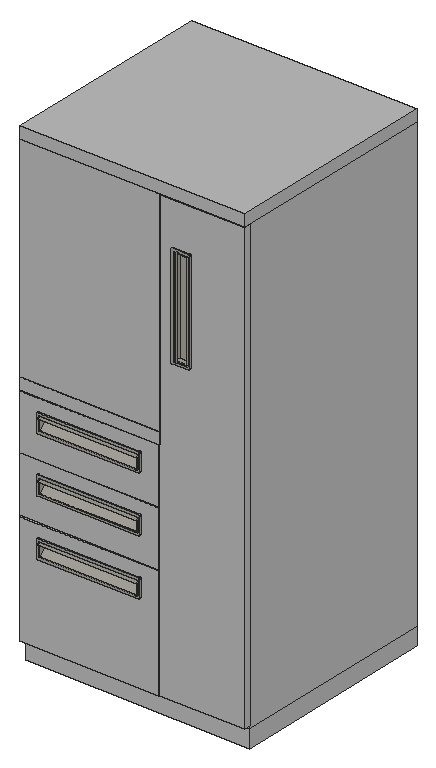
Revit family "Haworth_VSeries_StorageTower_4High", category Furniture Systems, Revit 2018
Family settings
  Round Connector Dimension = Use Diameter
  Part Type = Normal
  OmniClass Number = 23.40.70.14.64.21
  OmniClass Title = Systems Furniture
  Work Plane-Based = No
  Always vertical = Yes
  Cut with Voids When Loaded = No
  Shared = No
  Room Calculation Point = No
Parameters (values of type "Box Box File - Upper Bookcase")
  Warranty = "http://www.haworth.com/resources/product-info/warranties"
  Upper Door = not(Upper Bookcase)  # no
  Upper Bookcase = yes
  URL - Product = "http://www.haworth.com/products/storage/files-pedestals/v-series"
  URL = "www.haworth.com"
  Top Height = Actual Height - Cabinet Height  # 24"
  Sustainability Info = "http://www.haworth.com/company-info/sustainablility"
  Storage Standard Pull = and(Upper Door, Standard Pull)  # no
  Storage Full Pull = and(Upper Door, Full Pull)  # no
  Standard Pull = yes
  Size = "Verify Final Dim. w/ Haworth"  # constant formula
  Shelf Width = Actual Depth - 1 1/2"  # 21 1/2"
  Shelf Finish = Haworth _ Paint _ Metallic Champagne
  Shelf Depth = Drawer Width - 1 3/8"  # 13 1/2"
  Revision Number = "2"  # constant formula
  Pull Height Centerline 2 = Door Height 2 / 2  # 11 1/4"
  Pull Height Centerline = Door Height - Pull Height Centerline 2  # 36 91/128"
  Pull Finish = Haworth _ Polymer _ Gray Tone
  Model = "Haworth - VSeries Storage -Tower - 4 High"  # constant formula
  Min. Width = 29 7/8"  # constant formula
  Max. Width = 47 7/8"  # constant formula
  Min. Height = 27 1/2"  # constant formula
  Max. Height = 63 1/2"  # constant formula
  Manufacturer = "Haworth"  # constant formula
  Full Pull = not(Standard Pull)  # no
  File File = no
  Drawer Width = Actual Width - 9" - 1/8"  # 14 7/8"
  Drawer Finish = Haworth _ Paint _ Metallic Champagne
  Drawer 3 Standard Pull = and(Box Box File, Standard Pull)  # yes
  Drawer 3 Height = 5 15/16"  # constant formula
  Drawer 3 Full Pull = and(Box Box File, Full Pull)  # no
  Drawer 3 = not(File File)  # yes
  Drawer 2 Height = if(Box Box File, 5 15/16", 11 15/16")  # 5 15/16"
  Drawer 1 Height = 11 15/16"  # constant formula
  Door Height 2 = Top Height - 1 1/4" - 1/4"  # 22 1/2"
  Door Height = Cabinet Height + Top Height - 1 1/4" - 1 7/8" - 53/128"  # 47 123/128"
  Door Width = 9"  # constant formula
  Door Finish = Haworth _ Paint _ Metallic Champagne
  Description = "Haworth - VSeries Storage -Tower - 4 High"  # constant formula
  Cabinet Height = if(or(File File, Box Box File), 27 1/2", 39 1/2")  # 27 1/2"
  Cabinet Finish = Haworth _ Paint _ Metallic Champagne
  Box Box File = not(File File)  # yes
  Author = "Haworth (Hampton)"  # constant formula
  Assembly Code = "E2020200"
  Actual Width = 24"  # constant formula
  Actual Height = 51 1/2"  # constant formula
  Actual Depth = 23"  # constant formula
Types (4): name | Upper Door | Upper Bookcase | Storage Standard Pull | File File | Drawer 3 Standard Pull | Drawer 3 | Drawer 2 Height | Box Box File
  Box Box File - Upper Bookcase | no | yes | no | no | yes | yes | 5 15/16" | yes
  Box Box File - Upper Door | yes | no | yes | no | yes | yes | 5 15/16" | yes
  File File - Upper Bookcase | no | yes | no | yes | no | no | 11 15/16" | no
  File File - Upper Door | yes | no | yes | yes | no | no | 11 15/16" | no
Reference planes (in)
  plane 1 "Back": y = 0
  plane 2: z = 0
  plane 3 "Center L/R": x = 0
  plane 4 "Left": x = -12
  plane 5 "Right": x = 12
  plane 6 "Back of Drawer": y = -22.25
  plane 7 "Front": y = -23
  plane 8 "Top Cabinet": z = 27.5
  plane 9 "Bottom of Top Cabinet": z = 26.25
  plane 10 "Bottom of Cabinet": z = 0
  plane 11 "old": z = 1.875
  plane 12 "Left Inside": x = -11.25
  plane 13 "Right Inside": x = 11.25
  plane 14 "Center F/B": y = -11.125
  plane 15 "Top": z = 51.5
  plane 16 "Bottom of Top": z = 50.25
  plane 17 "Door Edge": x = 3
  plane 18: z = 38.875
  plane 19: z = 27.625
  plane 20 "Drawer 1": z = 2.166
  plane 21 "Drawer 2": z = 14.1035
  plane 22 "Drawer 3": z = 14.2285
  plane 23 "Drawer 4": z = 20.2285
  plane 24: x = -11.25
  plane 25: y = -0.75
Forms (in)
  Extrusion 1, solid, material "Haworth _ Paint _ Metallic Champagne" <- "Cabinet Finish"
    sketch origin (0, 0, -18.75) x (1, 0, 0) y (0, 1, 0)
      loop
        line (-12, 0) -> (-12, -22.25) -> (12, -22.25) -> (12, 0) -> (-12, 0)
    from 18.75 to 20.625
  Extrusion 2, solid, material "Haworth _ Paint _ Metallic Champagne" <- "Cabinet Finish"
    sketch origin (0, 0, 21.75) x (1, 0, 0) y (0, 1, 0)
      loop
        line (-12, 0) -> (-12, -23) -> (12, -23) -> (12, 0) -> (-12, 0)
    from 28.5 to 29.75
  Extrusion 3, solid, material "Haworth _ Paint _ Metallic Champagne" <- "Cabinet Finish"
    sketch origin (114.68227, -6.06265, 0) x (1, 0, 0) y (0, 1, 0)
      loop
        line (-103.43227, 6.06265) -> (-103.43227, -16.18735) -> (-102.68227, -16.18735) -> (-102.68227, 6.06265) -> (-103.43227, 6.06265)
    from 1.875 to 50.25
  Extrusion 4, solid, material "Haworth _ Paint _ Metallic Champagne" <- "Cabinet Finish", visible <- "Upper Bookcase"
    sketch origin (0, 0, 27.5) x (0, 1, 0) y (-1, 0, 0)
      loop
        line (-23, 12) -> (-23, -3) -> (-22.25, -3) -> (-22.25, 12) -> (-23, 12)
    from 0 to 22.75
  Extrusion 5, solid, material "Haworth _ Paint _ Metallic Champagne" <- "Cabinet Finish"
    sketch origin (107.68227, -6.06265, 0) x (1, 0, 0) y (0, 1, 0)
      loop
        line (-105.43227, 5.31265) -> (-105.43227, -16.18735) -> (-104.68227, -16.18735) -> (-104.68227, 5.31265) -> (-105.43227, 5.31265)
    from 1.875 to 50.25
  Extrusion 6, solid, material "Haworth _ Paint _ Metallic Champagne" <- "Door Finish", visible <- "Full Pull"
    sketch origin (0, 0, 0) x (1, 0, 0) y (0, 1, 0)
      loop
        line (3, -22.25) -> (3, -23) -> (12, -23) -> (12, -22.25) -> (3, -22.25)
    from 2.166 to 50.125
  Extrusion 7, solid, material "Haworth _ Paint _ Metallic Champagne" <- "Cabinet Finish", visible <- "Upper Door"
    sketch origin (-114.68227, -6.06265, 0) x (-1, 0, 0) y (0, -1, 0)
      loop
        line (-103.43227, -5.31265) -> (-102.68227, -5.31265) -> (-102.68227, 16.18735) -> (-103.43227, 16.18735) -> (-103.43227, -5.31265)
    from 27.5 to 50.25
  Extrusion 8, solid, material "Haworth _ Paint _ Metallic Champagne" <- "Cabinet Finish", visible <- "Upper Door"
    sketch origin (0, 0, 0) x (1, 0, 0) y (0, 1, 0)
      loop
        line (-11.25, -0.75) -> (11.25, -0.75) -> (11.25, 0) -> (-11.25, 0) -> (-11.25, -0.75)
    from 1.875 to 50.25
  Extrusion 9, solid, material "Haworth _ Paint _ Metallic Champagne" <- "Cabinet Finish"
    sketch origin (0, -12.75, 27.5) x (0, 1, 0) y (-1, 0, 0)
      loop
        line (-10.25, 12) -> (-10.25, -3) -> (-9.5, -3) -> (-9.5, 12) -> (-10.25, 12)
    from -1.25 to 0
  Extrusion 10, solid, material "Haworth _ Paint _ Metallic Champagne" <- "Cabinet Finish"
    sketch origin (-118.68227, -6.06265, 0) x (-1, 0, 0) y (0, -1, 0)
      loop
        line (-107.43227, -6.06265) -> (-106.68227, -6.06265) -> (-106.68227, 16.18735) -> (-107.43227, 16.18735) -> (-107.43227, -6.06265)
    from 1.875 to 27.5
  Extrusion 11, solid, material "Haworth _ Paint _ Metallic Champagne" <- "Cabinet Finish", visible <- "Upper Bookcase"
    sketch origin (0, -23, 0) x (-1, 0, 0) y (0, 0, 1)
      loop
        line (11.25, 1.875) -> (11.25, 27.5) -> (12, 27.5) -> (12, 50.25) -> (-11.25, 50.25) -> (-11.25, 1.875) -> (11.25, 1.875)
    from 22.25 to 23
  Extrusion 12, solid, material "Haworth _ Paint _ Metallic Champagne" <- "Cabinet Finish"
    sketch origin (0, 0, 0) x (1, 0, 0) y (0, 1, 0)
      loop
        line (-11.25, -0.75) -> (-11.25, -22.25) -> (2.25, -22.25) -> (2.25, -0.75) -> (-11.25, -0.75)
    from 26.84634 to 27.625
Lines and regions (in)
  Masking region 1
    outline origin (0, 0, 0) x (1, 0, 0) y (0, 1, 0)
      loop
        line (-12, 0) -> (-12, -23) -> (12, -23) -> (12, 0) -> (-12, 0)
Dimensions and locks (in)
  locked: plane 6 "Back of Drawer" to plane 7 "Front" at 0.75
  "Actual Depth": plane 1 "Back" to plane 7 "Front"
  "Actual Width": plane 4 "Left" to plane 5 "Right"
  locked: plane 8 "Top Cabinet" to plane 9 "Bottom of Top Cabinet" at 1.25
  equal spacing: plane 4 "Left", plane 3 "Center L/R", plane 5 "Right"
  locked: plane 11 "old" to plane 10 "Bottom of Cabinet" at 1.875
  "Actual Height": plane 15 "Top" to level
  "Cabinet Height": plane 8 "Top Cabinet" to plane 10 "Bottom of Cabinet"
  locked: plane 12 "Left Inside" to plane 4 "Left" at 0.75
  locked: plane 5 "Right" to plane 13 "Right Inside" at 0.75
  plane 6 "Back of Drawer" to plane 14 "Center F/B" to plane 1 "Back" = 11 1/8", 11 1/8"
  locked: plane 15 "Top" to plane 16 "Bottom of Top" at 1.25
  plane 17 "Door Edge" to plane 5 "Right" = 9"
  equal spacing: plane 16 "Bottom of Top", plane 18, plane 8 "Top Cabinet"
  plane 16 "Bottom of Top" to plane 8 "Top Cabinet" = 22 3/4"
  "Top Height": plane 15 "Top" to plane 8 "Top Cabinet"
  locked: plane 19 to plane 8 "Top Cabinet" at 0.125
  nested 8 to nested 9 = 22.50194"
  aligned and locked: level to plane 2
  aligned and locked: plane 10 "Bottom of Cabinet" to Extrusion 1
  aligned and locked: plane 11 "old" to Extrusion 1
  aligned and locked: plane 4 "Left" to Extrusion 1 sketch curve
  aligned and locked: plane 5 "Right" to Extrusion 1 sketch curve
  aligned and locked: plane 6 "Back of Drawer" to Extrusion 1 sketch curve
  aligned and locked: plane 1 "Back" to Extrusion 1 sketch curve
  aligned and locked: plane 15 "Top" to Extrusion 2
  aligned and locked: Extrusion 2 to plane 4 "Left"
  aligned and locked: Extrusion 2 to plane 5 "Right"
  aligned and locked: plane 1 "Back" to Extrusion 3 sketch curve
  aligned and locked: plane 5 "Right" to Extrusion 3 sketch curve
  aligned and locked: Extrusion 3 sketch curve to plane 6 "Back of Drawer"
  aligned and locked: plane 5 "Right" to Masking region 1 sketch curve
  aligned: plane 16 "Bottom of Top" to Extrusion 3
  aligned and locked: Extrusion 4 sketch curve to plane 7 "Front"
  aligned and locked: Extrusion 4 sketch curve to plane 4 "Left"
  aligned and locked: plane 17 "Door Edge" to Extrusion 4 sketch curve
  aligned and locked: Extrusion 5 sketch curve to plane 17 "Door Edge"
  aligned and locked: Extrusion 5 sketch curve to plane 6 "Back of Drawer"
  aligned and locked: plane 16 "Bottom of Top" to Extrusion 5
  aligned and locked: Extrusion 4 to plane 8 "Top Cabinet"
  aligned and locked: Extrusion 5 to plane 11 "old"
  aligned and locked: plane 6 "Back of Drawer" to nested 1
  aligned and locked: Extrusion 2 to plane 16 "Bottom of Top"
  aligned and locked: plane 16 "Bottom of Top" to Extrusion 4
  aligned and locked: nested 2 to plane 6 "Back of Drawer"
  aligned and locked: nested 3 to plane 6 "Back of Drawer"
  aligned and locked: plane 4 "Left" to nested 3
  aligned and locked: plane 4 "Left" to nested 2
  aligned and locked: plane 20 "Drawer 1" to nested 3
  aligned and locked: plane 20 "Drawer 1" to nested 2
  aligned and locked: plane 22 "Drawer 3" to nested 5
  aligned and locked: plane 22 "Drawer 3" to nested 4
  aligned and locked: plane 4 "Left" to nested 5
  aligned and locked: plane 4 "Left" to nested 4
  aligned and locked: plane 23 "Drawer 4" to nested 7
  aligned and locked: plane 4 "Left" to nested 7
  aligned and locked: plane 23 "Drawer 4" to nested 6
  aligned and locked: plane 4 "Left" to nested 6
  aligned and locked: plane 5 "Right" to nested 8
  aligned and locked: plane 20 "Drawer 1" to nested 8
  aligned and locked: nested 9 to plane 4 "Left"
  aligned and locked: nested 9 to plane 19
  aligned and locked: nested 8 to plane 6 "Back of Drawer"
  aligned and locked: plane 6 "Back of Drawer" to nested 9
  aligned and locked: Extrusion 6 sketch curve to plane 6 "Back of Drawer"
  aligned and locked: plane 7 "Front" to Extrusion 6 sketch curve
  aligned and locked: plane 5 "Right" to Extrusion 6 sketch curve
  aligned and locked: plane 17 "Door Edge" to Extrusion 6 sketch curve
  aligned and locked: Extrusion 6 to plane 20 "Drawer 1"
  aligned: Extrusion 6 to nested 8
  aligned and locked: nested 10 to plane 4 "Left"
  aligned and locked: plane 6 "Back of Drawer" to nested 10
  aligned and locked: nested 10 to plane 19
  aligned and locked: Extrusion 3 to Extrusion 2
  aligned and locked: Extrusion 8 sketch curve to plane 12 "Left Inside"
  aligned and locked: plane 13 "Right Inside" to Extrusion 8 sketch curve
  aligned and locked: Extrusion 8 sketch curve to plane 1 "Back"
  aligned and locked: Extrusion 8 to plane 11 "old"
  aligned and locked: Extrusion 8 to Extrusion 2
  aligned and locked: plane 6 "Back of Drawer" to Extrusion 9
  aligned and locked: Extrusion 9 to plane 7 "Front"
  aligned and locked: plane 12 "Left Inside" to Extrusion 10
  aligned and locked: Extrusion 10 to plane 4 "Left"
  aligned and locked: plane 8 "Top Cabinet" to Extrusion 10
  aligned and locked: plane 16 "Bottom of Top" to Extrusion 11 sketch curve
  aligned and locked: Extrusion 11 sketch curve to plane 11 "old"
  aligned and locked: Extrusion 11 to plane 1 "Back"
  aligned and locked: Extrusion 11 to Extrusion 5
  aligned and locked: plane 6 "Back of Drawer" to Extrusion 12 sketch curve
  aligned and locked: plane 12 "Left Inside" to Extrusion 12 sketch curve
  aligned and locked: Extrusion 5 to Extrusion 12 sketch curve
  aligned and locked: Extrusion 7 to Extrusion 2
  aligned and locked: Extrusion 6 to nested 9
  aligned and locked: Extrusion 2 to plane 7 "Front"
  aligned and locked: Extrusion 2 to plane 1 "Back"
  aligned and locked: Extrusion 3 to plane 11 "old"
  aligned and locked: Extrusion 3 to plane 13 "Right Inside"
  aligned and locked: Extrusion 7 to plane 8 "Top Cabinet"
  aligned and locked: plane 16 "Bottom of Top" to Extrusion 7
  aligned and locked: Extrusion 7 to plane 6 "Back of Drawer"
  aligned and locked: Extrusion 7 to plane 4 "Left"
  aligned and locked: Extrusion 7 to plane 24
  aligned and locked: Extrusion 11 to plane 4 "Left"
  aligned and locked: Extrusion 7 to plane 25
  aligned and locked: Extrusion 10 to plane 11 "old"
  aligned and locked: Extrusion 10 to plane 1 "Back"
  aligned and locked: Extrusion 10 to plane 6 "Back of Drawer"
  aligned and locked: Extrusion 11 to plane 8 "Top Cabinet"
  aligned and locked: Extrusion 11 to plane 11 "old"
  aligned and locked: Extrusion 11 to plane 13 "Right Inside"
  aligned and locked: Extrusion 11 to plane 12 "Left Inside"
  aligned and locked: Extrusion 11 to Extrusion 4
Automatic sketch dimensions
  Masking region 1 sketch curve to plane 4 "Left" = 0"
  Masking region 1 sketch curve to plane 7 "Front" = 0"
  plane 1 "Back" to Masking region 1 sketch curve = 0"
  Extrusion 2 sketch curve to plane 4 "Left" = 0"
  Extrusion 2 sketch curve to plane 5 "Right" = 0"
  Extrusion 2 sketch curve to plane 7 "Front" = 0"
  Extrusion 2 sketch curve to plane 1 "Back" = 0"
  Extrusion 3 sketch curve to plane 13 "Right Inside" = 0"
  Extrusion 4 sketch curve to plane 6 "Back of Drawer" = 0"
  Extrusion 5 sketch curve to Extrusion 5 sketch curve = 3/4"
  plane 1 "Back" to Extrusion 5 sketch curve = 3/4"
  Extrusion 7 sketch curve to plane 6 "Back of Drawer" = 0"
  Extrusion 7 sketch curve to plane 12 "Left Inside" = 0"
  plane 4 "Left" to Extrusion 7 sketch curve = 0"
  Extrusion 7 sketch curve to plane 1 "Back" = 3/4"
  plane 1 "Back" to Extrusion 8 sketch curve = 3/4"
  Extrusion 9 sketch curve to plane 7 "Front" = 0"
  Extrusion 9 sketch curve to plane 6 "Back of Drawer" = 0"
  Extrusion 9 sketch curve to plane 17 "Door Edge" = 0"
  Extrusion 9 sketch curve to plane 4 "Left" = 0"
  plane 6 "Back of Drawer" to Extrusion 10 sketch curve = 0"
  Extrusion 10 sketch curve to plane 12 "Left Inside" = 0"
  plane 4 "Left" to Extrusion 10 sketch curve = 0"
  plane 1 "Back" to Extrusion 10 sketch curve = 0"
  Extrusion 11 sketch curve to plane 8 "Top Cabinet" = 0"
  Extrusion 11 sketch curve to plane 12 "Left Inside" = 0"
  Extrusion 11 sketch curve to plane 4 "Left" = 0"
  Extrusion 11 sketch curve to plane 13 "Right Inside" = 0"
  plane 25 to Extrusion 12 sketch curve = 0"
Nested families (in)
  nested 1: "Haworth_Shelf" at (-9, -11.5, 38.875) x (0, -1, 0) z (0, 0, 1), visible <- "Upper Bookcase", type "Shelf"
    with Shelf Width 21 1/2", Shelf Depth 13 1/2"
  nested 2: "Haworth_VSeries-Drawer_Full_Part" at (-4.5625, -22.25, 2.166), visible <- "Full Pull", Drawer Height <- "Drawer 1 Height", type "Drawer"
    with Drawer Height 11 15/16", Drawer Width 14 7/8"
  nested 3: "Haworth_VSeries-Drawer_Standard_Part" at (-4.5625, -22.25, 2.166), visible <- "Standard Pull", Drawer Height <- "Drawer 1 Height", type "Drawer"
    with Drawer Height 11 15/16", Drawer Width 14 7/8"
  nested 4: "Haworth_VSeries-Drawer_Full_Part" at (-4.5625, -22.25, 14.2285), visible <- "Full Pull", Drawer Height <- "Drawer 2 Height", type "Drawer"
    with Drawer Height 5 15/16", Drawer Width 14 7/8"
  nested 5: "Haworth_VSeries-Drawer_Standard_Part" at (-4.5625, -22.25, 14.2285), visible <- "Standard Pull", Drawer Height <- "Drawer 2 Height", type "Drawer"
    with Drawer Height 5 15/16", Drawer Width 14 7/8"
  nested 6: "Haworth_VSeries-Drawer_Full_Part" at (-4.5625, -22.25, 20.2285), visible <- "Drawer 3 Full Pull", Drawer Height <- "Drawer 3 Height", type "Drawer"
    with Drawer Height 5 15/16", Drawer Width 14 7/8"
  nested 7: "Haworth_VSeries-Drawer_Standard_Part" at (-4.5625, -22.25, 20.2285), visible <- "Drawer 3 Standard Pull", Drawer Height <- "Drawer 3 Height", type "Drawer"
    with Drawer Height 5 15/16", Drawer Width 14 7/8"
  nested 8: "Haworth_VSeries-Door_Standard_Part" at (6.32718, -22.25, 2.166), Door Width <- "Door Width", Door Height <- "Door Height", visible <- "Standard Pull", type "Door Valet"
    with Door Width 9", Door Height 47 123/128"
  nested 9: "Haworth_VSeries-Door_Standard_Part" at (-6.32718, -22.25, 27.625) x (-1, 0, 0) z (0, 0, 1), Door Width <- "Drawer Width", Door Height <- "Door Height 2", visible <- "Storage Standard Pull", type "Door Short"
    with Door Width 14 7/8", Door Height 22 1/2"
  nested 10: "Haworth_VSeries-Door_Full_Part" at (-4.5625, -22.25, 27.625) x (-1, 0, 0) z (0, 0, 1), Door Width <- "Drawer Width", Door Height <- "Door Height 2", visible <- "Storage Full Pull", type "Door Short"
    with Door Width 14 7/8", Door Height 22 1/2"
Definition of nested family "Haworth_Shelf"
  Parameters
    Front Finish = none
    Shelf Width = 29 7/8"
    Shelf Depth = 18 3/4"
    Shelf Finish = none
    Assembly Code = ""
  Reference planes (in)
    plane 1 "Shelf Back": y = 11.25
    plane 2: z = 0
    plane 3 "Center L/R": x = 0
    plane 4 "Shelf Front": y = -7.5
    plane 5 "Left": x = -14.9375
    plane 6 "Right": x = 14.9375
    plane 7 "Top": z = 0.75
    plane 8 "Center Elevation": z = 0.375
    plane 9 "Shelf Centerline F/B": y = 1.875
  Forms (in)
    Extrusion 1, solid, material <- "Shelf Finish"
      sketch origin (-14.9375, 0, 2.25) x (0, 1, 0) y (0, 0, 1)
        loop
          line (11.25, -1.5) -> (-7.5, -1.5) -> (-7.5, -2.25) -> (11.25, -2.25) -> (11.25, -1.5)
      from 0 to 29.875
  Dimensions and locks (in)
    equal spacing: plane 5 "Left", plane 3 "Center L/R", plane 6 "Right"
    "Shelf Width": plane 5 "Left" to plane 6 "Right"
    "Shelf Depth": plane 1 "Shelf Back" to plane 4 "Shelf Front"
    plane 7 "Top" to level = 3/4"
    equal spacing: plane 7 "Top", plane 8 "Center Elevation", level
    equal spacing: plane 4 "Shelf Front", plane 9 "Shelf Centerline F/B", plane 1 "Shelf Back"
    aligned and locked: Extrusion 1 to plane 6 "Right"
    aligned and locked: plane 1 "Shelf Back" to Extrusion 1 sketch curve
    aligned and locked: plane 7 "Top" to Extrusion 1 sketch curve
    aligned and locked: level to Extrusion 1 sketch curve
    aligned and locked: Extrusion 1 sketch curve to plane 4 "Shelf Front"
Definition of nested family "Haworth_VSeries-Drawer_Full_Part"
  Parameters
    Drawer Width = 15"
    Drawer Height [instance] = 11 13/16"
    Drawer Finish = none
    Assembly Code = ""
  Reference planes (in)
    plane 1 "Drawer Back": y = 0
    plane 2: z = 0
    plane 3 "Center L/R": x = 0
    plane 4 "Drawer Front": y = -0.75
    plane 5 "Left": x = -7.5
    plane 6 "Right": x = 7.5
    plane 7 "Top": z = 11.8125
  Forms (in)
    Extrusion 1, solid, material <- "Drawer Finish"
      sketch origin (-7.5, 0, 2.25) x (0, 1, 0) y (0, 0, 1)
        loop
          line (0, 9.5625) -> (-0.75, 9.5625) -> (-0.75, 9.0606) -> (-0.6875, 9.0606) -> (-0.6875, 9.4981) -> (-0.1875, 9.4981) -> (-0.1875, 8.36999) -> (-0.75, 8.02598) -> (-0.75, -2.25) -> (0, -2.25) -> (0, 9.5625)
      from 0 to 15
  Lines and regions (in)
    Masking region 1, detail levels medium+fine
      outline origin (0, 0, 0) x (1, 0, 0) y (0, 1, 0)
        loop
          line (-7.5, 0) -> (-7.5, -0.75) -> (7.5, -0.75) -> (7.5, 0) -> (-7.5, 0)
  Dimensions and locks (in)
    equal spacing: plane 5 "Left", plane 3 "Center L/R", plane 6 "Right"
    "Drawer Width": plane 5 "Left" to plane 6 "Right"
    locked: plane 1 "Drawer Back" to plane 4 "Drawer Front" at 0.75
    "Drawer Height": plane 7 "Top" to level
    aligned and locked: Extrusion 1 to plane 6 "Right"
    aligned and locked: plane 1 "Drawer Back" to Extrusion 1 sketch curve
    aligned and locked: plane 7 "Top" to Extrusion 1 sketch curve
    aligned and locked: level to Extrusion 1 sketch curve
    aligned and locked: Extrusion 1 sketch curve to plane 4 "Drawer Front"
    aligned and locked: plane 5 "Left" to Masking region 1 sketch curve
    aligned and locked: plane 4 "Drawer Front" to Masking region 1 sketch curve
    aligned and locked: plane 1 "Drawer Back" to Masking region 1 sketch curve
    aligned and locked: plane 6 "Right" to Masking region 1 sketch curve
  Automatic sketch dimensions
    Extrusion 1 sketch curve to plane 4 "Drawer Front" = 0"
    plane 4 "Drawer Front" to Extrusion 1 sketch curve = 1/16"
    Extrusion 1 sketch curve to plane 7 "Top" = 0.5019"
    Extrusion 1 sketch curve to plane 7 "Top" = 0.0644"
    Extrusion 1 sketch curve to Extrusion 1 sketch curve = 1.03462"
    Extrusion 1 sketch curve to Extrusion 1 sketch curve = 0.34401"
    plane 1 "Drawer Back" to Extrusion 1 sketch curve = 3/16"
Definition of nested family "Haworth_VSeries-Drawer_Standard_Part"
  Parameters
    Standard Pull Void Height = 1 5/8"
    Standard Pull Height = 1 5/16"
    Pull Location Height = 2 1/4"
    Pull Finish = none
    Standard Pull Location = 3 7/8"
    Drawer Width = 15"
    Drawer Height [instance] = 11 13/16"
    Drawer Finish = none
    Assembly Code = ""
  Reference planes (in)
    plane 1 "Drawer Back": y = 0
    plane 2: z = 0
    plane 3 "Center L/R": x = 0
    plane 4 "Drawer Front": y = -0.75
    plane 5 "Left": x = -7.5
    plane 6 "Right": x = 7.5
    plane 7 "Top": z = 11.8125
    plane 8: y = -4
    plane 9: y = -0.125
    plane 10 "Standard Top": z = 8.75
    plane 11 "Pull Location": z = 9.5625
    plane 12 "Standard Bottom": z = 10.25
    plane 13 "Pull Void Left": x = -5.275
    plane 14 "Pull Void Right": x = 5.275
    plane 15 "Pull Right": x = 5.525
    plane 16 "Pull Left": x = -5.525
    plane 17 "Pull Top": z = 10.5
    plane 18 "Pull Bottom": z = 8.5
    plane 19 "Pull Front": y = -0.9375
  Forms (in)
    Extrusion 1, solid, material <- "Drawer Finish"
      sketch origin (-7.5, 0, 0) x (0, 1, 0) y (0, 0, 1)
        loop
          line (0, 11.8125) -> (-0.75, 11.8125) -> (-0.75, 0) -> (0, 0) -> (0, 11.8125)
      from 0 to 15
    Extrusion 2, void
      sketch origin (0, -0.75, 0) x (-1, 0, 0) y (0, 0, 1)
        loop
          line (5.275, 8.75) -> (5.275, 10.25) -> (-5.275, 10.25) -> (-5.275, 8.75) -> (5.275, 8.75)
      from -3.25 to 0.625
    Extrusion 3, solid, material <- "Pull Finish"
      sketch origin (0, -0.9375, 0) x (-1, 0, 0) y (0, 0, 1)
        loop
          line (5.4, 10.5) -> (-5.4, 10.5)
          arc (-5.4, 10.5) -> (-5.48839, 10.46339) -> (-5.525, 10.375) r 0.125
          line (-5.525, 10.375) -> (-5.525, 8.625)
          arc (-5.525, 8.625) -> (-5.48839, 8.53661) -> (-5.4, 8.5) r 0.125
          line (-5.4, 8.5) -> (5.4, 8.5)
          arc (5.4, 8.5) -> (5.48839, 8.53661) -> (5.525, 8.625) r 0.125
          line (5.525, 8.625) -> (5.525, 10.375)
          arc (5.525, 10.375) -> (5.48839, 10.46339) -> (5.4, 10.5) r 0.125
      from 0 to 0.1875
    Extrusion 4, solid, material <- "Pull Finish"
      sketch origin (-5.275, 0, 0) x (0, 0, 1) y (0, -1, 0)
        loop
          line (10.25, 0.9375) -> (9.93166, 1.0228) -> (9.93166, 0.875) -> (10.20387, 0.60279) -> (10.20387, 0.17128) -> (9.44972, 0.17128) -> (8.79917, 0.9375) -> (8.75, 0.9375) -> (9.43984, 0.125) -> (10.25, 0.125) -> (10.25, 0.9375)
      from 0 to 10.55
    Extrusion 5, solid, material <- "Pull Finish"
      sketch origin (-5.275, 0, 0) x (0, 0, 1) y (0, -1, 0)
        loop
          line (10.20387, 0.17128) -> (10.20387, 0.60279) -> (9.93166, 0.875) -> (9.93166, 0.9375) -> (8.79917, 0.9375) -> (9.44972, 0.17128) -> (10.20387, 0.17128)
      from 0 to 0.0625
    Extrusion 6, solid, material <- "Pull Finish"
      sketch origin (5.275, 0, 0) x (0, 0, 1) y (0, 1, 0)
        loop
          line (10.20387, -0.17128) -> (9.44972, -0.17128) -> (8.79917, -0.9375) -> (9.93166, -0.9375) -> (9.93166, -0.875) -> (10.20387, -0.60279) -> (10.20387, -0.17128)
      from 0 to 0.0625
  Cuts and joins
    Extrusion 2 cuts Extrusion 1
    Extrusion 2 cuts Extrusion 3
  Lines and regions (in)
    Masking region 1, detail levels medium+fine
      outline origin (0, 0, 0) x (1, 0, 0) y (0, 1, 0)
        loop
          line (-7.5, 0) -> (-7.5, -0.75) -> (7.5, -0.75) -> (7.5, 0) -> (-7.5, 0)
  Dimensions and locks (in)
    equal spacing: plane 5 "Left", plane 3 "Center L/R", plane 6 "Right"
    "Drawer Width": plane 5 "Left" to plane 6 "Right"
    locked: plane 1 "Drawer Back" to plane 4 "Drawer Front" at 0.75
    "Drawer Height": plane 7 "Top" to level
    locked: plane 8 to plane 1 "Drawer Back" at 4
    "Standard Pull Location": plane 8 to plane 9
    equal spacing: Extrusion 2 sketch curve, plane 3 "Center L/R", Extrusion 2 sketch curve
    Extrusion 2 sketch curve to Extrusion 2 sketch curve = 10.55"
    plane 17 "Pull Top" to plane 12 "Standard Bottom" = 1/4"
    plane 10 "Standard Top" to plane 18 "Pull Bottom" = 1/4"
    equal spacing: plane 14 "Pull Void Right", plane 3 "Center L/R", plane 13 "Pull Void Left", locked at 5.275 each
    locked: plane 13 "Pull Void Left" to plane 16 "Pull Left" at 0.25
    locked: plane 14 "Pull Void Right" to plane 15 "Pull Right" at 0.25
    "Standard Pull Height": plane 7 "Top" to plane 17 "Pull Top"
    plane 12 "Standard Bottom" to plane 11 "Pull Location" to plane 10 "Standard Top" = 11/16", 13/16"
    aligned and locked: Extrusion 1 sketch curve to plane 1 "Drawer Back"
    aligned and locked: Extrusion 1 sketch curve to plane 2
    aligned and locked: Extrusion 1 sketch curve to plane 4 "Drawer Front"
    aligned and locked: Extrusion 1 to plane 6 "Right"
    aligned: Extrusion 2 to plane 8
    aligned: plane 9 to Extrusion 2  (x2)
    aligned and locked: plane 15 "Pull Right" to Extrusion 3 sketch curve
    aligned and locked: Extrusion 3 sketch curve to plane 18 "Pull Bottom"
    aligned and locked: plane 16 "Pull Left" to Extrusion 3 sketch curve
    aligned and locked: Extrusion 3 sketch curve to plane 17 "Pull Top"
    aligned and locked: Extrusion 2 sketch curve to plane 13 "Pull Void Left"
    aligned and locked: plane 12 "Standard Bottom" to Extrusion 2 sketch curve
    aligned and locked: Extrusion 4 to cut or joined group of Extrusion 1, Extrusion 2
    aligned and locked: Extrusion 4 to plane 14 "Pull Void Right"
    aligned and locked: plane 5 "Left" to Masking region 1 sketch curve
    aligned and locked: plane 6 "Right" to Masking region 1 sketch curve
    aligned and locked: plane 1 "Drawer Back" to Masking region 1 sketch curve
    aligned and locked: plane 4 "Drawer Front" to Masking region 1 sketch curve
  Automatic sketch dimensions
    Extrusion 2 sketch curve to plane 10 "Standard Top" = 0"
    Extrusion 3 sketch curve to plane 14 "Pull Void Right" = 1/8"
    plane 12 "Standard Bottom" to Extrusion 3 sketch curve = 1/8"
    Extrusion 3 sketch curve to Extrusion 3 sketch curve = 1/8"
    Extrusion 3 sketch curve to plane 13 "Pull Void Left" = 1/8"
    plane 10 "Standard Top" to Extrusion 4 sketch curve = 0"
    Extrusion 4 sketch curve to plane 19 "Pull Front" = 0"  (x2)
    Extrusion 4 sketch curve to plane 9 = 0"
    plane 12 "Standard Bottom" to Extrusion 4 sketch curve = 0"
    Extrusion 4 sketch curve to plane 10 "Standard Top" = 0.04917"
    plane 11 "Pull Location" to Extrusion 4 sketch curve = 0.12266"
    Extrusion 4 sketch curve to plane 9 = 0.04628"
    Extrusion 4 sketch curve to Extrusion 4 sketch curve = 0.00988"
    plane 19 "Pull Front" to Extrusion 4 sketch curve = 1/16"
    Extrusion 4 sketch curve to plane 12 "Standard Bottom" = 0.31834"
    Extrusion 4 sketch curve to plane 12 "Standard Bottom" = 0.04613"
    plane 4 "Drawer Front" to Extrusion 4 sketch curve = 0.14721"
    Extrusion 4 sketch curve to plane 19 "Pull Front" = 0.0853"
    Extrusion 5 sketch curve to plane 19 "Pull Front" = 0"
    Extrusion 5 sketch curve to plane 10 "Standard Top" = 0.04917"
    Extrusion 5 sketch curve to plane 9 = 0.04628"
    plane 11 "Pull Location" to Extrusion 5 sketch curve = 0.11278"
    Extrusion 5 sketch curve to plane 12 "Standard Bottom" = 0.31834"
    Extrusion 5 sketch curve to plane 12 "Standard Bottom" = 0.04613"
    plane 4 "Drawer Front" to Extrusion 5 sketch curve = 0.14721"
    Extrusion 5 sketch curve to Extrusion 5 sketch curve = 1/16"
    Extrusion 6 sketch curve to plane 19 "Pull Front" = 0"
    Extrusion 6 sketch curve to plane 10 "Standard Top" = 0.04917"
    Extrusion 6 sketch curve to plane 9 = 0.04628"
    plane 11 "Pull Location" to Extrusion 6 sketch curve = 0.11278"
    Extrusion 6 sketch curve to plane 12 "Standard Bottom" = 0.31834"
    Extrusion 6 sketch curve to plane 12 "Standard Bottom" = 0.04613"
    Extrusion 6 sketch curve to Extrusion 6 sketch curve = 1/16"
    plane 4 "Drawer Front" to Extrusion 6 sketch curve = 0.14721"
    Extrusion 1 sketch curve to plane 7 "Top" = 0"
Definition of nested family "Haworth_VSeries-Door_Standard_Part"
  Parameters
    Standard Pull Void Height = 1 5/8"
    Standard Pull Offset = 4 1/2"
    Standard Pull Length = 11 13/256"
    Standard Pull Height = 1 5/16"
    Pull Finish = none
    Standard Pull Location = 3 7/8"
    Door Width [instance] = 9"
    Door Height [instance] = 29"
    Door Finish = none
    Assembly Code = ""
  Reference planes (in)
    plane 1 "Drawer Back": y = 0
    plane 2: x = 5.67282
    plane 3 "Drawer Front": y = -0.75
    plane 4 "Left": z = 0
    plane 5 "Right": z = 29
    plane 6 "Top": x = -3.32718
    plane 7: y = -4
    plane 8: y = -0.125
    plane 9 "Standard Top": x = -0.26468
    plane 10 "Pull Location": x = -1.07718
    plane 11 "Standard Bottom": x = -1.76468
    plane 12 "Pull Void Left": z = 13.69922
    plane 13 "Pull Void Right": z = 24.25
    plane 14 "Pull Right": z = 24.5
    plane 15 "Pull Left": z = 13.44922
    plane 16 "Pull Top": x = -2.01468
    plane 17 "Pull Bottom": x = -0.01468
    plane 18 "Pull Front": y = -0.9375
    plane 19 "Pull Trim": z = 24.1875
  Forms (in)
    Extrusion 1, solid, material <- "Door Finish"
      sketch origin (0, 0, 0) x (0, 1, 0) y (-1, 0, 0)
        loop
          line (0, 3.32718) -> (-0.75, 3.32718) -> (-0.75, -5.67282) -> (0, -5.67282) -> (0, 3.32718)
      from 0 to 29
    Extrusion 2, void
      sketch origin (5.67282, -0.75, 7.5) x (0, 0, -1) y (-1, 0, 0)
        loop
          line (-6.19922, 5.9375) -> (-6.19922, 7.4375) -> (-16.75, 7.4375) -> (-16.75, 5.9375) -> (-6.19922, 5.9375)
      from -3.25 to 0.625
    Extrusion 3, solid, material <- "Pull Finish"
      sketch origin (5.67282, -0.9375, 7.5) x (0, 0, -1) y (-1, 0, 0)
        loop
          line (-6.07422, 7.6875) -> (-16.875, 7.6875)
          arc (-16.875, 7.6875) -> (-16.96339, 7.65089) -> (-17, 7.5625) r 0.125
          line (-17, 7.5625) -> (-17, 5.8125)
          arc (-17, 5.8125) -> (-16.96339, 5.72411) -> (-16.875, 5.6875) r 0.125
          line (-16.875, 5.6875) -> (-6.07422, 5.6875)
          arc (-6.07422, 5.6875) -> (-5.98583, 5.72411) -> (-5.94922, 5.8125) r 0.125
          line (-5.94922, 5.8125) -> (-5.94922, 7.5625)
          arc (-5.94922, 7.5625) -> (-5.98583, 7.65089) -> (-6.07422, 7.6875) r 0.125
      from 0 to 0.1875
    Extrusion 4, solid, material <- "Pull Finish"
      sketch origin (0, 0, 13.69922) x (-1, 0, 0) y (0, -1, 0)
        loop
          line (1.76468, 0.9375) -> (1.44634, 1.0228) -> (1.44634, 0.875) -> (1.71855, 0.60279) -> (1.71855, 0.17128) -> (0.9644, 0.17128) -> (0.31385, 0.9375) -> (0.26468, 0.9375) -> (0.95452, 0.125) -> (1.76468, 0.125) -> (1.76468, 0.9375)
      from 0 to 10.55078
    Extrusion 5, solid, material <- "Pull Finish"
      sketch origin (0, 0, 13.69922) x (-1, 0, 0) y (0, -1, 0)
        loop
          line (1.71855, 0.17128) -> (1.71855, 0.60279) -> (1.44634, 0.875) -> (1.44634, 0.9375) -> (0.31385, 0.9375) -> (0.9644, 0.17128) -> (1.71855, 0.17128)
      from 0 to 0.0625
    Extrusion 6, solid, material <- "Pull Finish"
      sketch origin (5.67282, 0, 12.775) x (0, 1, 0) y (-1, 0, 0)
        loop
          line (-0.17128, 7.39137) -> (-0.60279, 7.39137) -> (-0.875, 7.11916) -> (-0.9375, 7.11916) -> (-0.9375, 5.98667) -> (-0.17128, 6.63722) -> (-0.17128, 7.39137)
      from 11.4125 to 11.475
  Cuts and joins
    Extrusion 2 cuts Extrusion 1
    Extrusion 2 cuts Extrusion 3
  Lines and regions (in)
    Masking region 1, detail levels medium+fine
      outline origin (0, 0, 0) x (1, 0, 0) y (0, 1, 0)
        loop
          line (-3.32718, 0) -> (-3.32718, -0.75) -> (5.67282, -0.75) -> (5.67282, 0) -> (-3.32718, 0)
  Dimensions and locks (in)
    locked: plane 1 "Drawer Back" to plane 3 "Drawer Front" at 0.75
    locked: plane 7 to plane 1 "Drawer Back" at 4
    "Standard Pull Location": plane 7 to plane 8
    Extrusion 2 sketch curve to Extrusion 2 sketch curve = 10 141/256"  (x2)
    plane 16 "Pull Top" to plane 11 "Standard Bottom" = 1/4"
    plane 9 "Standard Top" to plane 17 "Pull Bottom" = 1/4"
    locked: plane 12 "Pull Void Left" to plane 15 "Pull Left" at 0.25
    locked: plane 13 "Pull Void Right" to plane 14 "Pull Right" at 0.25
    "Standard Pull Height": plane 6 "Top" to plane 16 "Pull Top"
    plane 11 "Standard Bottom" to plane 10 "Pull Location" to plane 9 "Standard Top" = 11/16", 13/16"
    "Door Width": plane 6 "Top" to plane 2
    "Standard Pull Offset": plane 5 "Right" to plane 14 "Pull Right"
    "Door Height": plane 5 "Right" to level
    "Standard Pull Length": plane 14 "Pull Right" to plane 15 "Pull Left"
    locked: plane 13 "Pull Void Right" to plane 19 "Pull Trim" at 0.0625
    plane 9 "Standard Top" to Extrusion 6 = 1.45387"
    aligned and locked: Extrusion 1 sketch curve to plane 1 "Drawer Back"
    aligned and locked: Extrusion 1 sketch curve to plane 2
    aligned and locked: Extrusion 1 sketch curve to plane 3 "Drawer Front"
    aligned and locked: plane 5 "Right" to Extrusion 1
    aligned: Extrusion 2 to plane 7
    aligned: plane 8 to Extrusion 2
    aligned: Extrusion 2 to plane 8
    aligned and locked: plane 14 "Pull Right" to Extrusion 3 sketch curve
    aligned and locked: Extrusion 3 sketch curve to plane 17 "Pull Bottom"
    aligned and locked: Extrusion 3 sketch curve to plane 15 "Pull Left"
    aligned and locked: Extrusion 3 sketch curve to plane 16 "Pull Top"
    aligned and locked: Extrusion 2 sketch curve to plane 12 "Pull Void Left"
    aligned and locked: plane 11 "Standard Bottom" to Extrusion 2 sketch curve
    aligned and locked: Extrusion 4 to cut or joined group of Extrusion 1, Extrusion 2
    aligned and locked: plane 13 "Pull Void Right" to Extrusion 4
    aligned and locked: plane 1 "Drawer Back" to Masking region 1 sketch curve
    aligned and locked: plane 3 "Drawer Front" to Masking region 1 sketch curve
    aligned and locked: Extrusion 1 to level
    aligned: plane 19 "Pull Trim" to Extrusion 6
    aligned and locked: Masking region 1 to plane 2
    aligned and locked: plane 6 "Top" to Masking region 1
    aligned and locked: cut or joined group of Extrusion 1, Extrusion 2 to Extrusion 6
    aligned and locked: Extrusion 6 to plane 13 "Pull Void Right"
    aligned and locked: plane 19 "Pull Trim" to Extrusion 6
  Automatic sketch dimensions
    Extrusion 1 sketch curve to plane 6 "Top" = 0"
    Extrusion 2 sketch curve to plane 9 "Standard Top" = 0"
    Extrusion 3 sketch curve to plane 13 "Pull Void Right" = 1/8"
    plane 11 "Standard Bottom" to Extrusion 3 sketch curve = 1/8"
    Extrusion 3 sketch curve to Extrusion 3 sketch curve = 1/8"
    Extrusion 3 sketch curve to plane 12 "Pull Void Left" = 1/8"
    Extrusion 4 sketch curve to plane 9 "Standard Top" = 0"
    Extrusion 4 sketch curve to plane 18 "Pull Front" = 0"  (x2)
    Extrusion 4 sketch curve to plane 8 = 0"
    Extrusion 4 sketch curve to plane 11 "Standard Bottom" = 0"
    Extrusion 4 sketch curve to plane 9 "Standard Top" = 0.04917"
    plane 10 "Pull Location" to Extrusion 4 sketch curve = 0.12266"
    Extrusion 4 sketch curve to plane 8 = 0.04628"
    Extrusion 4 sketch curve to Extrusion 4 sketch curve = 0.00988"
    plane 18 "Pull Front" to Extrusion 4 sketch curve = 1/16"
    Extrusion 4 sketch curve to plane 11 "Standard Bottom" = 0.31834"
    Extrusion 4 sketch curve to plane 11 "Standard Bottom" = 0.04613"
    plane 3 "Drawer Front" to Extrusion 4 sketch curve = 0.14721"
    Extrusion 4 sketch curve to plane 18 "Pull Front" = 0.0853"
    Extrusion 5 sketch curve to plane 18 "Pull Front" = 0"
    Extrusion 5 sketch curve to plane 9 "Standard Top" = 0.04917"
    Extrusion 5 sketch curve to plane 8 = 0.04628"
    plane 10 "Pull Location" to Extrusion 5 sketch curve = 0.11278"
    Extrusion 5 sketch curve to plane 11 "Standard Bottom" = 0.31834"
    Extrusion 5 sketch curve to plane 11 "Standard Bottom" = 0.04613"
    plane 3 "Drawer Front" to Extrusion 5 sketch curve = 0.14721"
    Extrusion 5 sketch curve to Extrusion 5 sketch curve = 1/16"
    Extrusion 6 sketch curve to plane 18 "Pull Front" = 0"
    Extrusion 6 sketch curve to Extrusion 6 sketch curve = 1/16"
    Extrusion 6 sketch curve to plane 11 "Standard Bottom" = 0.04613"
    plane 3 "Drawer Front" to Extrusion 6 sketch curve = 0.14721"
    Extrusion 6 sketch curve to plane 8 = 0.04628"
    Extrusion 6 sketch curve to plane 11 "Standard Bottom" = 0.31834"
    plane 10 "Pull Location" to Extrusion 6 sketch curve = 0.11278"
    Extrusion 6 sketch curve to plane 9 "Standard Top" = 0.04917"
    plane 6 "Top" to Masking region 1 sketch curve = 0"
    Masking region 1 sketch curve to plane 2 = 0"
Definition of nested family "Haworth_VSeries-Door_Full_Part"
  Parameters
    Door Width [instance] = 9"
    Door Height [instance] = 28"
    Door Finish = none
    Assembly Code = ""
  Reference planes (in)
    plane 1 "Drawer Back": y = 0
    plane 2: z = 0
    plane 3 "Center L/R": x = 0
    plane 4 "Drawer Front": y = -0.75
    plane 5 "Left": x = -4.5
    plane 6 "Right": x = 4.5
    plane 7 "Top": z = 28
  Forms (in)
    Extrusion 1, solid, material <- "Door Finish"
      sketch origin (-0.375, 3.28125, -1.59375) x (-1, 0, 0) y (0, -1, 0)
        loop
          line (4.125, 3.28125) -> (4.125, 4.03125) -> (3.6231, 4.03125) -> (3.6231, 3.96875) -> (4.0606, 3.96875) -> (4.0606, 3.46875) -> (2.93249, 3.46875) -> (2.58848, 4.03125) -> (-4.875, 4.03125) -> (-4.875, 3.28125) -> (4.125, 3.28125)
      from 1.59375 to 29.59375
  Lines and regions (in)
    Masking region 1, detail levels medium+fine
      outline origin (0, 0, 0) x (1, 0, 0) y (0, 1, 0)
        loop
          line (-4.5, 0) -> (-4.5, -0.75) -> (4.5, -0.75) -> (4.5, 0) -> (-4.5, 0)
  Dimensions and locks (in)
    equal spacing: plane 5 "Left", plane 3 "Center L/R", plane 6 "Right"
    "Door Width": plane 5 "Left" to plane 6 "Right"
    locked: plane 1 "Drawer Back" to plane 4 "Drawer Front" at 0.75
    "Door Height": plane 7 "Top" to level
    plane 3 "Center L/R" to Extrusion 1 = 4 1/2"
    aligned: Extrusion 1 to plane 6 "Right"
    aligned and locked: plane 5 "Left" to Masking region 1 sketch curve
    aligned and locked: plane 4 "Drawer Front" to Masking region 1 sketch curve
    aligned and locked: plane 1 "Drawer Back" to Masking region 1 sketch curve
    aligned and locked: plane 6 "Right" to Masking region 1 sketch curve
    aligned: Extrusion 1 to level
    aligned and locked: plane 7 "Top" to Extrusion 1
  Automatic sketch dimensions
    Extrusion 1 sketch curve to plane 4 "Drawer Front" = 0"  (x2)
    plane 1 "Drawer Back" to Extrusion 1 sketch curve = 0"
    plane 6 "Right" to Extrusion 1 sketch curve = 0"
    plane 5 "Left" to Extrusion 1 sketch curve = 1.53652"
    plane 1 "Drawer Back" to Extrusion 1 sketch curve = 3/16"
    Extrusion 1 sketch curve to Extrusion 1 sketch curve = 0.34401"
    plane 4 "Drawer Front" to Extrusion 1 sketch curve = 1/16"
    Extrusion 1 sketch curve to Extrusion 1 sketch curve = 0.69061"
    Extrusion 1 sketch curve to Extrusion 1 sketch curve = 7/16"
    Extrusion 1 sketch curve to Extrusion 1 sketch curve = 0.0644"
